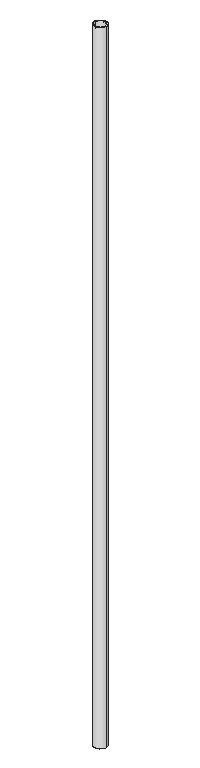
Revit family "maru_1-6x19-1", category 機械設備, Revit 2022
Family settings
  丸型コネクタ寸法 = 直径を使用
  種別 = なし
  パーツ タイプ = 標準
  作業面ベース = いいえ
  常に垂直 = はい
  ロード時にボイドで切り取り = いいえ
  注釈の向きを維持 = いいえ
  共有 = いいえ
  部屋計算ポイント = いいえ
Parameters
  製造元 = "株式会社桐井製作所"
  既定の高さ = 0 mm
  URL = "https://www.kirii.co.jp/"
  K_長さ(mm) [instance] = 1000 mm
  K_外形寸法(mm) = "1.6×φ19.1"
  K_品名 = "丸P1.6×φ19.1"
  K_名称 = "丸パイプ"
  K_バージョン情報 = "20211012"
Reference planes
  plane 1 "中心(正面/背面)": y = 0
  plane 2: z = 0
  plane 3 "中心(左/右)": x = 0
  plane 4: z = 1000
Forms (mm)
  Extrusion 1, solid
    sketch origin (0, 0, 0) x (1, 0, 0) y (0, 1, 0)
      loop
        circle (0, 0) r 9.55
      loop
        circle (0, 0) r 7.95
    from 0 to 1000
Dimensions and locks
  "K_長さ(mm)": plane 4 to plane 2
  aligned and locked: level to plane 2
  aligned and locked: plane 4 to Extrusion 1
Automatic sketch dimensions
  plane 1 "中心(正面/背面)" to Extrusion 1 sketch curve = 0 mm
  Extrusion 1 sketch curve to plane 3 "中心(左/右)" = 0 mm
  Extrusion 1 sketch curve to Extrusion 1 sketch curve = 0 mm  (x2)
  radius of Extrusion 1 sketch curve = 9.55 mm
  radius of Extrusion 1 sketch curve = 7.95 mm
